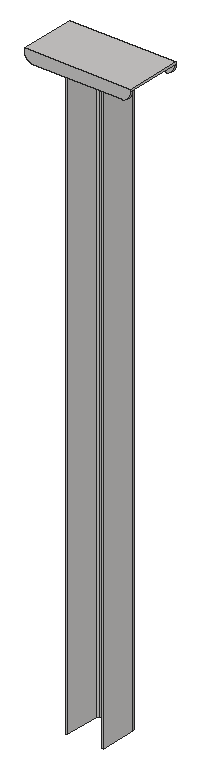
Revit family "E_Cable Tray Support_MEPcontent_OBO Bettermann_US5", category Cable Tray Fittings, Revit 2015
Parameters (values of type "US 5 K 80 VA4301")
  Wholesaler Art. No. = ""
  Wholesaler = ""
  Watermarked By = "www.stabiplan.com"
  Width 1 = 50.00 mm  # constant formula
  URL = "www.stabiplan.com"
  built-in parameter 1140111 [instance] = 2.50 mm  # constant formula
  Stabu Code = ""
  Revit Version = "2015"  # constant formula
  MEPcontent Class = "CABLE_TRAY_SUPPORT"  # constant formula
  Internal Art. No. = ""
  IFCExportType = "NOTDEFINED"  # constant formula
  IFCExportAs = "IfcCableCarrierFittingType"  # constant formula
  Function Code [instance] = ""
  Family Version = "10.14"  # constant formula
  ETIM Article Class = "EC000082"  # constant formula
  EMCS Version = "2.0"  # constant formula
  Copyright = "© Stabiplan International BV"  # constant formula
  Content Supplier URL = ""
  CB-NL Class = ""
  Article Type = if(and(Width 1 = 50.00 mm, Height 1 = 200.00 mm), "US 5 K 20 VA4301", if(and(Width 1 = 50.00 mm, Height 1 = 300.00 mm), "US 5 K 30 VA4301", if(and(Width 1 = 50.00 mm, Height 1 = 400.00 mm), "US 5 K 40 VA4301", if(and(Width 1 = 50.00 mm, Height 1 = 500.00 mm), "US 5 K 50 VA4301", if(and(Width 1 = 50.00 mm, Height 1 = 600.00 mm), "US 5 K 60 VA4301", if(and(Width 1 = 50.00 mm, Height 1 = 700.00 mm), "US 5 K 70 VA4301", if(and(Width 1 = 50.00 mm, Height 1 = 800.00 mm), "US 5 K 80 VA4301", if(and(Width 1 = 50.00 mm, Height 1 = 900.00 mm), "US 5 K 90 VA4301", if(and(Width 1 = 50.00 mm, Height 1 = 1000.00 mm), "US 5 K 100VA4301", if(and(Width 1 = 50.00 mm, Height 1 = 1100.00 mm), "US 5 K 110VA4301", if(and(Width 1 = 50.00 mm, Height 1 = 1200.00 mm), "US 5 K 120VA4301", "Unknown")))))))))))  # "US 5 K 80 VA4301"
  Product Line = "OBO BETTERMANN CableTrays"  # constant formula
  Model = if(and(Width 1 = 50.00 mm, Height 1 = 200.00 mm), "US 5 K 20 VA4301", if(and(Width 1 = 50.00 mm, Height 1 = 300.00 mm), "US 5 K 30 VA4301", if(and(Width 1 = 50.00 mm, Height 1 = 400.00 mm), "US 5 K 40 VA4301", if(and(Width 1 = 50.00 mm, Height 1 = 500.00 mm), "US 5 K 50 VA4301", if(and(Width 1 = 50.00 mm, Height 1 = 600.00 mm), "US 5 K 60 VA4301", if(and(Width 1 = 50.00 mm, Height 1 = 700.00 mm), "US 5 K 70 VA4301", if(and(Width 1 = 50.00 mm, Height 1 = 800.00 mm), "US 5 K 80 VA4301", if(and(Width 1 = 50.00 mm, Height 1 = 900.00 mm), "US 5 K 90 VA4301", if(and(Width 1 = 50.00 mm, Height 1 = 1000.00 mm), "US 5 K 100VA4301", if(and(Width 1 = 50.00 mm, Height 1 = 1100.00 mm), "US 5 K 110VA4301", if(and(Width 1 = 50.00 mm, Height 1 = 1200.00 mm), "US 5 K 120VA4301", "Unknown")))))))))))  # "US 5 K 80 VA4301"
  Manufacturer = "OBO BETTERMANN"  # constant formula
  Custom [instance] = if(and(Width 1 = 50.00 mm, Height 1 = 200.00 mm), 1 = 0, if(and(Width 1 = 50.00 mm, Height 1 = 300.00 mm), 1 = 0, if(and(Width 1 = 50.00 mm, Height 1 = 400.00 mm), 1 = 0, if(and(Width 1 = 50.00 mm, Height 1 = 500.00 mm), 1 = 0, if(and(Width 1 = 50.00 mm, Height 1 = 600.00 mm), 1 = 0, if(and(Width 1 = 50.00 mm, Height 1 = 700.00 mm), 1 = 0, if(and(Width 1 = 50.00 mm, Height 1 = 800.00 mm), 1 = 0, if(and(Width 1 = 50.00 mm, Height 1 = 900.00 mm), 1 = 0, if(and(Width 1 = 50.00 mm, Height 1 = 1000.00 mm), 1 = 0, if(and(Width 1 = 50.00 mm, Height 1 = 1100.00 mm), 1 = 0, if(and(Width 1 = 50.00 mm, Height 1 = 1200.00 mm), 1 = 0, 1 = 1)))))))))))  # no
  Height 1 = 800.00 mm
  GTIN = if(and(Width 1 = 50.00 mm, Height 1 = 200.00 mm), "4012196477135", if(and(Width 1 = 50.00 mm, Height 1 = 300.00 mm), "4012196644230", if(and(Width 1 = 50.00 mm, Height 1 = 400.00 mm), "4012196350292", if(and(Width 1 = 50.00 mm, Height 1 = 500.00 mm), "4012196350414", if(and(Width 1 = 50.00 mm, Height 1 = 600.00 mm), "4012196350476", if(and(Width 1 = 50.00 mm, Height 1 = 700.00 mm), "4012196350537", if(and(Width 1 = 50.00 mm, Height 1 = 800.00 mm), "4012196350599", if(and(Width 1 = 50.00 mm, Height 1 = 900.00 mm), "4012196624492", if(and(Width 1 = 50.00 mm, Height 1 = 1000.00 mm), "4012196350711", if(and(Width 1 = 50.00 mm, Height 1 = 1100.00 mm), "4012196350773", if(and(Width 1 = 50.00 mm, Height 1 = 1200.00 mm), "4012196350834", "Unknown")))))))))))  # "4012196350599"
  Description = "U support with welded head plate."  # constant formula
  Depth = 75.00 mm  # constant formula
  Manufacturer URL = "http://catalog4.obo-bettermann.com/catalogue/catalogue.do?forward=showProductGroup&act=showIO&favOid=kts_53031&action=showManyProducts&lang=nl&OID=kts_53031&catId="
  Gray = Color RGB 189-187-185
  Manufacturer Art. No. = if(and(Width 1 = 50.00 mm, Height 1 = 200.00 mm), "6341358", if(and(Width 1 = 50.00 mm, Height 1 = 300.00 mm), "6341362", if(and(Width 1 = 50.00 mm, Height 1 = 400.00 mm), "6341366", if(and(Width 1 = 50.00 mm, Height 1 = 500.00 mm), "6341370", if(and(Width 1 = 50.00 mm, Height 1 = 600.00 mm), "6341374", if(and(Width 1 = 50.00 mm, Height 1 = 700.00 mm), "6341378", if(and(Width 1 = 50.00 mm, Height 1 = 800.00 mm), "6341382", if(and(Width 1 = 50.00 mm, Height 1 = 900.00 mm), "6341386", if(and(Width 1 = 50.00 mm, Height 1 = 1000.00 mm), "6341390", if(and(Width 1 = 50.00 mm, Height 1 = 1100.00 mm), "6341394", if(and(Width 1 = 50.00 mm, Height 1 = 1200.00 mm), "6341398", "Unknown")))))))))))  # "6341382"
  Article Description = "U support with welded head plate."  # constant formula
Types (11, lengths in mm): name | Article Type | Model | Height 1 | GTIN | Manufacturer Art. No.
  US 5 K 20 VA4301 | "US 5 K 20 VA4301" | "US 5 K 20 VA4301" | 200.00 | "4012196477135" | "6341358"
  US 5 K 30 VA4301 | "US 5 K 30 VA4301" | "US 5 K 30 VA4301" | 300.00 | "4012196644230" | "6341362"
  US 5 K 40 VA4301 | "US 5 K 40 VA4301" | "US 5 K 40 VA4301" | 400.00 | "4012196350292" | "6341366"
  US 5 K 50 VA4301 | "US 5 K 50 VA4301" | "US 5 K 50 VA4301" | 500.00 | "4012196350414" | "6341370"
  US 5 K 60 VA4301 | "US 5 K 60 VA4301" | "US 5 K 60 VA4301" | 600.00 | "4012196350476" | "6341374"
  US 5 K 70 VA4301 | "US 5 K 70 VA4301" | "US 5 K 70 VA4301" | 700.00 | "4012196350537" | "6341378"
  US 5 K 80 VA4301 | "US 5 K 80 VA4301" | "US 5 K 80 VA4301" | 800.00 | "4012196350599" | "6341382"
  US 5 K 90 VA4301 | "US 5 K 90 VA4301" | "US 5 K 90 VA4301" | 900.00 | "4012196624492" | "6341386"
  US 5 K 100VA4301 | "US 5 K 100VA4301" | "US 5 K 100VA4301" | 1000.00 | "4012196350711" | "6341390"
  US 5 K 110VA4301 | "US 5 K 110VA4301" | "US 5 K 110VA4301" | 1100.00 | "4012196350773" | "6341394"
  US 5 K 120VA4301 | "US 5 K 120VA4301" | "US 5 K 120VA4301" | 1200.00 | "4012196350834" | "6341398"
Reference planes
  plane 1 "Center (Front/Back)": y = 0
  plane 2: z = 0
  plane 3 "Center (Left/Right)": x = 0
  plane 4: x = -25
  plane 5: x = 25
  plane 6: y = -25
  plane 7: y = 25
  plane 8: x = -70
  plane 9: x = 70
  plane 10: y = -37.5
  plane 11: y = 37.5
  plane 12: y = -35
  plane 13: y = 35
  plane 14: z = -800
  plane 15: z = -2.5
Forms (mm)
  Extrusion 1, solid, material "Color RGB 189-187-185" <- "Gray", detail levels medium+fine
    sketch origin (0, 0, 0) x (1, 0, 0) y (0, 1, 0)
      loop
        line (-25, -25) -> (-22.5, -25) -> (-22.5, 20)
        arc (-22.5, 20) -> (-21.768, 21.768) -> (-20, 22.5) r 2.5
        line (-20, 22.5) -> (20, 22.5)
        arc (20, 22.5) -> (21.768, 21.768) -> (22.5, 20) r 2.5
        line (22.5, 20) -> (22.5, -25) -> (25, -25) -> (25, 22.5)
        arc (25, 22.5) -> (24.268, 24.268) -> (22.5, 25) r 2.5
        line (22.5, 25) -> (-22.5, 25)
        arc (-22.5, 25) -> (-24.268, 24.268) -> (-25, 22.5) r 2.5
        line (-25, 22.5) -> (-25, -25)
    from -800 to -2.5
  Extrusion 2, solid, material "Color RGB 189-187-185" <- "Gray", detail levels medium+fine
    sketch origin (0, 0, -200) x (1, 0, 0) y (0, 0, 1)
      loop
        line (-70, 200) -> (-70, 197)
        arc (-70, 197) -> (-66.485, 188.515) -> (-58, 185) r 12
        line (-58, 185) -> (58, 185)
        arc (58, 185) -> (66.485, 188.515) -> (70, 197) r 12
        line (70, 197) -> (70, 200) -> (-70, 200)
    from 35 to 37.5
  Extrusion 3, solid, material "Color RGB 189-187-185" <- "Gray", detail levels medium+fine
    sketch origin (0, 0, -200) x (1, 0, 0) y (0, 0, -1)
      loop
        line (-70, -200) -> (70, -200) -> (70, -197)
        arc (70, -197) -> (66.485, -188.515) -> (58, -185) r 12
        line (58, -185) -> (-58, -185)
        arc (-58, -185) -> (-66.485, -188.515) -> (-70, -197) r 12
        line (-70, -197) -> (-70, -200)
    from 35 to 37.5
  Extrusion 4, solid, material "Color RGB 189-187-185" <- "Gray", detail levels medium+fine
    sketch origin (0, 0, 0) x (1, 0, 0) y (0, 1, 0)
      loop
        line (-70, 37.5) -> (-70, -37.5) -> (70, -37.5) -> (70, 37.5) -> (-70, 37.5)
    from -2.5 to 0
Cuts and joins
  joined: Extrusion 1, Extrusion 2, Extrusion 3, Extrusion 4
Lines and regions (mm)
  model lines, style "Fittings", detail levels coarse
    curve 1: line (0, 0, -800) -> (0, 0, 0)
Dimensions and locks
  equal spacing: plane 5, plane 3 "Center (Left/Right)", plane 4
  "Width 1": plane 5 to plane 4
  equal spacing: plane 6, plane 1 "Center (Front/Back)", plane 7
  "Width 1": plane 6 to plane 7
  equal spacing: plane 9, plane 3 "Center (Left/Right)", plane 8
  locked: plane 9 to plane 8 at 140
  equal spacing: plane 10, plane 1 "Center (Front/Back)", plane 11
  "Depth": plane 10 to plane 11
  "built-in parameter 1140111": Extrusion 1 sketch curve to Extrusion 1 sketch curve  (x3)
  "built-in parameter 1140111": plane 10 to plane 12
  "built-in parameter 1140111": plane 13 to plane 11
  "Height 1": level to plane 14
  "built-in parameter 1140111": level to plane 15
  radius of Extrusion 1 sketch curve = 2.50 mm  (x4)
  aligned and locked: level to plane 2
  aligned and locked: plane 4 to Extrusion 1 sketch curve
  aligned and locked: plane 7 to Extrusion 1 sketch curve
  aligned and locked: plane 5 to Extrusion 1 sketch curve
  aligned and locked: Extrusion 1 sketch curve to plane 6
  aligned and locked: plane 6 to Extrusion 1 sketch curve
  aligned and locked: Extrusion 2 to plane 10
  aligned and locked: Extrusion 2 to plane 12
  aligned and locked: Extrusion 3 to plane 11
  aligned and locked: plane 13 to Extrusion 3
  aligned and locked: Extrusion 4 sketch curve to Extrusion 3  (x2)
  aligned and locked: Extrusion 4 sketch curve to Extrusion 2  (x2)
  aligned and locked: curve 1 to plane 3 "Center (Left/Right)"
  aligned and locked: level to curve 1
  aligned and locked: plane 14 to curve 1
  aligned and locked: cut or joined group of Extrusion 1, Extrusion 2, Extrusion 3, Extrusion 4 to plane 14
  aligned and locked: plane 15 to Extrusion 1
  aligned and locked: Extrusion 4 to Extrusion 1
  aligned and locked: level to Extrusion 4
  aligned and locked: level to cut or joined group of Extrusion 1, Extrusion 2, Extrusion 3, Extrusion 4  (x2)
  aligned and locked: cut or joined group of Extrusion 1, Extrusion 2, Extrusion 3, Extrusion 4 to level  (x2)
Automatic sketch dimensions
  Extrusion 2 sketch curve to plane 8 = 0.00 mm
  plane 9 to Extrusion 2 sketch curve = 0.00 mm
  plane 8 to Extrusion 2 sketch curve = 12.00 mm
  Extrusion 2 sketch curve to Extrusion 2 sketch curve = 12.00 mm
  Extrusion 3 sketch curve to plane 8 = 0.00 mm
  plane 9 to Extrusion 3 sketch curve = 0.00 mm
  plane 8 to Extrusion 3 sketch curve = 12.00 mm
  Extrusion 3 sketch curve to Extrusion 3 sketch curve = 12.00 mm
  Extrusion 2 sketch curve to level = 15.00 mm
  Extrusion 2 sketch curve to Extrusion 2 sketch curve = 3.00 mm
  level to Extrusion 3 sketch curve = 0.00 mm
  Extrusion 3 sketch curve to Extrusion 3 sketch curve = 3.00 mm
